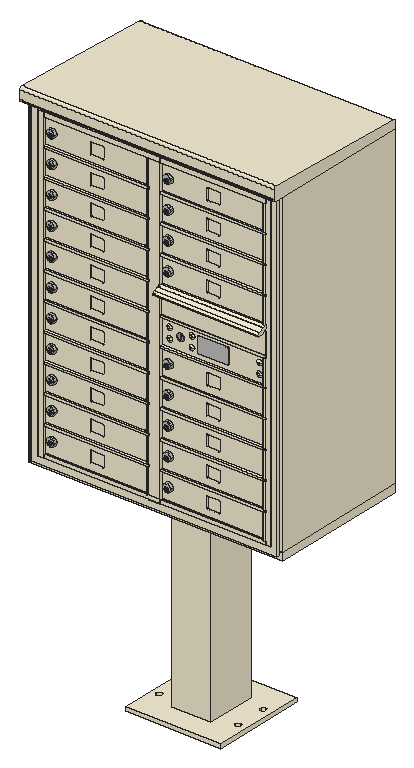
Revit family "Mailboxes_4C-Salsbury_Industries-Pedestal_Mounted-11_Door_High_Units", category Specialty Equipment, Revit 2016 (continued)
Definition of nested family "Mailboxes_4C-Salsbury_Industries-Front_Load-11_Door_High_Units"
  Dimensions and locks (in)
    aligned and locked: plane 53 "Row 9 Top Align" to nested 8
    aligned and locked: plane 55 "Row 7 Top Align" to nested 17
    aligned and locked: plane 55 "Row 7 Top Align" to nested 6
    aligned and locked: plane 56 "Row 6 Top Align" to nested 5
    aligned and locked: plane 58 "Row 4 Top Align" to nested 3
    aligned and locked: plane 58 "Row 4 Top Align" to nested 14
    aligned and locked: plane 54 "Row 8 Top Align" to nested 7
    aligned and locked: plane 51 "Row 11 Top Align" to nested 10
    aligned and locked: plane 57 "Row 5 Top Align" to nested 4
    aligned and locked: plane 20 "Bottom Horiz Door Align" to nested 11
    aligned and locked: plane 20 "Bottom Horiz Door Align" to nested 22
    aligned and locked: plane 56 "Row 6 Top Align" to nested 16
    aligned and locked: plane 93 to curve 13
  Automatic sketch dimensions
    Extrusion 2 sketch curve to plane 13 "Top Horiz Trim Align" = 0.000"
    Extrusion 2 sketch curve to plane 14 "Bottom Horiz Trim Align" = 0.000"
    plane 15 "Left Trim Align" to Extrusion 2 sketch curve = 0.000"
    Extrusion 2 sketch curve to plane 16 "Right Trim Align" = 0.000"
    Extrusion 3 sketch curve to plane 13 "Top Horiz Trim Align" = 0.000"
    plane 14 "Bottom Horiz Trim Align" to Extrusion 3 sketch curve = 0.000"
    plane 16 "Right Trim Align" to Extrusion 3 sketch curve = 0.000"
    Extrusion 3 sketch curve to plane 18 "Right Door Align" = 0.000"
    plane 13 "Top Horiz Trim Align" to Extrusion 5 sketch curve = 0.000"
    Extrusion 5 sketch curve to plane 14 "Bottom Horiz Trim Align" = 0.000"
    Extrusion 5 sketch curve to plane 15 "Left Trim Align" = 0.000"
    plane 17 "Left Door Align" to Extrusion 5 sketch curve = 0.000"
    plane 13 "Top Horiz Trim Align" to Extrusion 6 sketch curve = 0.000"
    Extrusion 6 sketch curve to plane 17 "Left Door Align" = 0.000"
    Extrusion 6 sketch curve to plane 18 "Right Door Align" = 0.000"
    Extrusion 6 sketch curve to plane 19 "Top Horiz Door Align" = 0.000"
    plane 4 "15" AFF" to Extrusion 4 sketch curve = 0.000"
    Extrusion 4 sketch curve to plane 14 "Bottom Horiz Trim Align" = 0.000"
    Extrusion 4 sketch curve to plane 17 "Left Door Align" = 0.000"
    Extrusion 4 sketch curve to plane 18 "Right Door Align" = 0.000"
    plane 21 "Front Face of Unit" to curve 12 = 1.165"
    curve 9 to Extrusion 8 = 0.000"
    curve 9 to plane 11 "Right Side of Unit" = 0.000"
    curve 7 to plane 21 "Front Face of Unit" = 0.000"
    curve 6 to plane 9 "Top of Unit" = 0.000"
    curve 5 to plane 18 "Right Door Align" = 0.000"
    Extrusion 8 sketch curve to Extrusion 8 sketch curve = 120.000"  (x2)
    Extrusion 7 sketch curve to plane 14 "Bottom Horiz Trim Align" = 0.000"
    Extrusion 7 sketch curve to plane 13 "Top Horiz Trim Align" = 0.000"
    plane 73 "Right Latch Align" to Extrusion 7 sketch curve = 0.000"
    plane 74 "Left Latch Align" to Extrusion 7 sketch curve = 0.000"
    curve 9 to plane 10 "Left Side of Unit" = 0.000"
  Nested families (in)
    nested 1: "3700 Series 4C Door Configurations" at (-7.37891, -0.20495, 63) x (-1, 0, 0) z (0, 0, 1), type <- "Door Slot R1", Door Number <- "Door Slot R1 Number", type "MB1 Door"
      with Door Number "12"
    nested 2: "3700 Series 4C Door Configurations" at (-7.37891, -0.20495, 59.5) x (-1, 0, 0) z (0, 0, 1), type <- "Door Slot R2", Door Number <- "Door Slot R2 Number", type "MB1 Door w/ Divider"
      with Door Number "13"
    nested 3: "3700 Series 4C Door Configurations" at (-7.37891, -0.20495, 56) x (-1, 0, 0) z (0, 0, 1), type <- "Door Slot R3", Door Number <- "Door Slot R3 Number", type "MB1 Door w/ Divider"
      with Door Number "14"
    nested 4: "3700 Series 4C Door Configurations" at (-7.37891, -0.20495, 52.5) x (-1, 0, 0) z (0, 0, 1), type <- "Door Slot R4", Door Number <- "Door Slot R4 Number", type "MB1 Door w/ Divider"
      with Door Number "15"
    nested 5: "3700 Series 4C Door Configurations" at (-7.37891, -0.20495, 49) x (-1, 0, 0) z (0, 0, 1), type <- "Door Slot R5", Door Number <- "Door Slot R5 Number", type "Empty"
      with Door Number "0"
    nested 6: "3700 Series 4C OM2 Configuration" at (-7.37891, -0.20495, 45.5) x (-1, 0, 0) z (0, 0, 1), type <- "Door Slot R6", Door Number <- "Door Slot R6 Number", type "OM2-FL"
      with Door Number "0"
    nested 7: "3700 Series 4C Door Configurations" at (-7.37891, -0.20495, 42) x (-1, 0, 0) z (0, 0, 1), type <- "Door Slot R7", Door Number <- "Door Slot R7 Number", type "MB1 Door w/ Divider"
      with Door Number "16"
    nested 8: "3700 Series 4C Door Configurations" at (-7.37891, -0.20495, 38.5) x (-1, 0, 0) z (0, 0, 1), type <- "Door Slot R8", Door Number <- "Door Slot R8 Number", type "MB1 Door w/ Divider"
      with Door Number "17"
    nested 9: "3700 Series 4C Door Configurations" at (-7.37891, -0.20495, 35) x (-1, 0, 0) z (0, 0, 1), type <- "Door Slot R9", Door Number <- "Door Slot R9 Number", type "MB1 Door w/ Divider"
      with Door Number "18"
    nested 10: "3700 Series 4C Door Configurations" at (-7.37891, -0.20495, 31.5) x (-1, 0, 0) z (0, 0, 1), type <- "Door Slot R10", Door Number <- "Door Slot R10 Number", type "MB1 Door w/ Divider"
      with Door Number "19"
    nested 11: "3700 Series 4C Door Configurations" at (-7.37891, -0.20495, 28) x (-1, 0, 0) z (0, 0, 1), Door Number <- "Door Slot R11 Number", type <- "Door Slot R11", type "MB1 Door w/ Divider"
      with Door Number "20"
    nested 12: "3700 Series 4C Door Configurations" at (7.37891, -0.20495, 63) x (-1, 0, 0) z (0, 0, 1), type <- "Door Slot L1", Door Number <- "Door Slot L1 Number", type "MB1 Door"
      with Door Number "1"
    nested 13: "3700 Series 4C Door Configurations" at (7.37891, -0.20495, 59.5) x (-1, 0, 0) z (0, 0, 1), type <- "Door Slot L2", Door Number <- "Door Slot L2 Number", type "MB1 Door w/ Divider"
      with Door Number "2"
    nested 14: "3700 Series 4C Door Configurations" at (7.37891, -0.20495, 56) x (-1, 0, 0) z (0, 0, 1), type <- "Door Slot L3", Door Number <- "Door Slot L3 Number", type "MB1 Door w/ Divider"
      with Door Number "3"
    nested 15: "3700 Series 4C Door Configurations" at (7.37891, -0.20495, 52.5) x (-1, 0, 0) z (0, 0, 1), type <- "Door Slot L4", Door Number <- "Door Slot L4 Number", type "MB1 Door w/ Divider"
      with Door Number "4"
    nested 16: "3700 Series 4C Door Configurations" at (7.37891, -0.20495, 49) x (-1, 0, 0) z (0, 0, 1), type <- "Door Slot L5", Door Number <- "Door Slot L5 Number", type "MB1 Door w/ Divider"
      with Door Number "5"
    nested 17: "3700 Series 4C Door Configurations" at (7.37891, -0.20495, 45.5) x (-1, 0, 0) z (0, 0, 1), type <- "Door Slot L6", Door Number <- "Door Slot L6 Number", type "MB1 Door w/ Divider"
      with Door Number "6"
    nested 18: "3700 Series 4C Door Configurations" at (7.37891, -0.20495, 42) x (-1, 0, 0) z (0, 0, 1), type <- "Door Slot L7", Door Number <- "Door Slot L7 Number", type "MB1 Door w/ Divider"
      with Door Number "7"
    nested 19: "3700 Series 4C Door Configurations" at (7.37891, -0.20495, 38.5) x (-1, 0, 0) z (0, 0, 1), type <- "Door Slot L8", Door Number <- "Door Slot L8 Number", type "MB1 Door w/ Divider"
      with Door Number "8"
    nested 20: "3700 Series 4C Door Configurations" at (7.37891, -0.20495, 35) x (-1, 0, 0) z (0, 0, 1), type <- "Door Slot L9", Door Number <- "Door Slot L9 Number", type "MB1 Door w/ Divider"
      with Door Number "9"
    nested 21: "3700 Series 4C Door Configurations" at (7.37891, -0.20495, 31.5) x (-1, 0, 0) z (0, 0, 1), type <- "Door Slot L10", Door Number <- "Door Slot L10 Number", type "MB1 Door w/ Divider"
      with Door Number "10"
    nested 22: "3700 Series 4C Door Configurations" at (7.37891, -0.20495, 28) x (-1, 0, 0) z (0, 0, 1), type <- "Door Slot L11", Door Number <- "Door Slot L11 Number", type "MB1 Door w/ Divider"
      with Door Number "11"
  Definition of nested family "3700 Series 4C Door Configurations"
    Parameters (values of type "MB1 Door w/ Divider")
      Weight = "5 lbs."
      Visible Door Number = yes
      URL = ""
      Model = "3700MB1"
      Manufacturer = "Salsbury Industries"
      Lock Material = none
      Inset Offset = 0.000"
      Front Panel Material = none
      Door Width = 13.375"
      Door Visibility-MB1 = yes
      Door Number [instance] = "101"
      Door Lock = yes
      Door Height = 3.23047"
      Door Divider = yes
      Door Depth = 0.25391"
      Description = "MB1 Door for 3700 Series 4C Mailboxes"
      Cost = 0
      Center Lock-Vertical = 0.875"
      Center Lock-Horizontal = 1.61523"
    Types (11): name | Weight | Visible Door Number | Model | Inset Offset | Door Visibility-MB1 | Door Lock | Door Height | Door Divider | Description
      MB1 Door w/ Divider | "5 lbs." | yes | "3700MB1" | 0.000" | yes | yes | 3.23047" | yes | "MB1 Door for 3700 Series 4C Mailboxes"
      MB1 Door | "5 lbs." | yes | "3700MB1" | 0.000" | yes | yes | 3.23047" | no | "MB1 Door for 3700 Series 4C Mailboxes"
      MB2 Door | "10 lbs." | yes | "3700MB2" | 0.000" | yes | yes | 6.73047" | no | "MB2 Door for 3700 Series 4C Mailboxes"
      MB2 Door w/ Divider | "10 lbs." | yes | "3700MB2" | 0.000" | yes | yes | 6.73047" | yes | "MB2 Door for 3700 Series 4C Mailboxes"
      MB3 Door | "15 lbs." | yes | "3700MB3" | 0.000" | yes | yes | 10.23047" | no | "MB3 Door for 3700 Series 4C Mailboxes"
      MB3 Door w/ Divider | "15 lbs." | yes | "3700MB3" | 0.000" | yes | yes | 10.23047" | yes | "MB3 Door for 3700 Series 4C Mailboxes"
      MB4 Door | "20 lbs." | yes | "3700MB4" | 0.000" | yes | yes | 13.73047" | no | "MB4 Door for 3700 Series 4C Mailboxes"
      MB4 Door w/ Divider | "20 lbs." | yes | "3700MB4" | 0.000" | yes | yes | 13.73047" | yes | "MB4 Door for 3700 Series 4C Mailboxes"
      Blank Door | "5 lbs." | no | "3700MB1" | 0.18359" | yes | no | 3.23047" | no | "MB1 Door for 3700 Series 4C Mailboxes"
      Blank Door w/ Divider | "5 lbs." | no | "3700MB1" | 0.18402" | yes | no | 3.23047" | yes | "MB1 Door for 3700 Series 4C Mailboxes"
      Empty | "5 lbs." | no | "Empty MB1" | 0.18359" | no | no | 3.23047" | no | "Empty MB1 Door for 3700 Series 4C Mailboxes"
    Reference planes (in)
      plane 1 "Center (Front/Back)": y = 0
      plane 2 "Bottom of Door": z = 0
      plane 3 "Center (Left/Right)": x = 0
      plane 4 "Left Side Face of Door": x = -6.6875
      plane 5 "Right Side Face of Door": x = 6.6875
      plane 6 "Back Face of Door": y = 0.12695
      plane 7 "Front Face of Door": y = -0.12695
      plane 8: z = 3.23047
      plane 9: z = 1.61523
      plane 10 "Face of Divider": y = -0.46995
      plane 11 "Center Lock Vertical": x = -5.8125
      plane 12 "Center Lock Horizontal": z = 1.61523
      plane 13 "Face of Lock": y = -0.42383
      plane 14 "Divider Height Align": z = 3.50047
      plane 15 "Inset Center": x = -0.0975
      plane 16 "Inset Offset": y = -0.12695
      plane 17: z = 1.99038
      plane 18: z = 1.24072
    Forms (in)
      Extrusion 1, solid, material <- "Front Panel Material", visible <- "Door Visibility-MB1"
        sketch origin (0, 0, 0) x (1, 0, 0) y (0, 1, 0)
          loop
            line (-6.4355, 0.12695) -> (-6.6875, -0.05445) -> (-6.6875, -0.12695) -> (6.05625, -0.12695)
            arc (6.05625, -0.12695) -> (6.19558, -0.17661) -> (6.27209, -0.3032) r 0.22029
            arc (6.27209, -0.3032) -> (6.3553, -0.42132) -> (6.4925, -0.46664) r 0.23034
            arc (6.4925, -0.46664) -> (6.63039, -0.40952) -> (6.6875, -0.27164) r 0.195
            line (6.6875, -0.27164) -> (6.6875, 0.12695) -> (-6.4355, 0.12695)
        from 0 to 3.23047
      Blend 2, solid, material <- "Lock Material", visible <- "Door Lock"
        base sketch origin (0, -0.12695, 0) x (-1, 0, 0) y (0, 0, 1)
          loop
            circle (5.8125, 1.61523) r 0.525
        top sketch origin (0, -0.12695, 0) x (-1, 0, 0) y (0, 0, 1)
          loop
            circle (5.8125, 1.61523) r 0.485
        from 0 to -0.29688
      Extrusion 3, solid, material <- "Front Panel Material", visible <- "Door Divider"
        sketch origin (0, 0, 3.50047) x (-1, 0, 0) y (0, -1, 0)
          loop
            line (6.6875, -0.12695) -> (6.6875, 0.46995) -> (-6.6875, 0.46995) -> (-6.6875, -0.12695) -> (6.6875, -0.12695)
        from -0.27 to 0
      Extrusion 4, void, detail levels fine
        sketch origin (0, -0.42383, 0) x (1, 0, 0) y (0, 0, 1)
          loop
            circle (-5.8125, 1.49523) r 0.285
        from 0 to -0.01562
      Extrusion 5, void, detail levels fine
        sketch origin (0, -0.42383, 0) x (1, 0, 0) y (0, 0, 1)
          loop
            line (-5.84183, 1.62353) -> (-5.84183, 1.32353) -> (-5.78183, 1.32353) -> (-5.78183, 1.62353) -> (-5.84183, 1.62353)
        from 0 to -0.03906
      Extrusion 6, void, detail levels fine
        sketch origin (0, -0.12695, 0) x (0, 0, 1) y (-1, 0, 0)
          loop
            arc (2.36523, 0.8475) -> (2.32862, 0.93589) -> (2.24023, 0.9725) r 0.125
            line (2.24023, 0.9725) -> (0.99023, 0.9725)
            arc (0.99023, 0.9725) -> (0.90185, 0.93589) -> (0.86523, 0.8475) r 0.125
            line (0.86523, 0.8475) -> (0.86523, -0.6525)
            arc (0.86523, -0.6525) -> (0.90185, -0.74089) -> (0.99023, -0.7775) r 0.125
            line (0.99023, -0.7775) -> (2.24023, -0.7775)
            arc (2.24023, -0.7775) -> (2.32862, -0.74089) -> (2.36523, -0.6525) r 0.125
            line (2.36523, -0.6525) -> (2.36523, 0.8475)
        from 0 to -0.03906
    Cuts and joins
      Extrusion 4, Extrusion 5 cuts Blend 2
      Extrusion 6 cuts Extrusion 1
    Lines and regions (in)
      symbolic lines
        curve 1: circle (-5.8125, 0, 1.61523) r 0.53054 normal (0, -1, 0)
    Dimensions and locks (in)
      equal spacing: plane 6 "Back Face of Door", plane 1 "Center (Front/Back)", plane 7 "Front Face of Door"
      "Door Depth": plane 6 "Back Face of Door" to plane 7 "Front Face of Door"
      equal spacing: plane 4 "Left Side Face of Door", plane 3 "Center (Left/Right)", plane 5 "Right Side Face of Door"  (x2)
      "Door Width": plane 4 "Left Side Face of Door" to plane 5 "Right Side Face of Door"
      locked: plane 7 "Front Face of Door" to plane 10 "Face of Divider" at 0.343
      "Center Lock-Vertical": plane 4 "Left Side Face of Door" to plane 11 "Center Lock Vertical"
      "Inset Offset": plane 16 "Inset Offset" to plane 7 "Front Face of Door"
      plane 4 "Left Side Face of Door" to plane 5 "Right Side Face of Door" = 13.375"
      plane 6 "Back Face of Door" to plane 10 "Face of Divider" = 0.59691"
      "Door Height": plane 8 to plane 2 "Bottom of Door"
      equal spacing: plane 8, plane 9, plane 2 "Bottom of Door"
      locked: plane 14 "Divider Height Align" to plane 8 at 0.27
      plane 17 to plane 9 to plane 18 = 0.37515" locked, 0.37452" locked
      aligned and locked: level to plane 2 "Bottom of Door"
      aligned and locked: plane 4 "Left Side Face of Door" to Extrusion 1
      aligned and locked: plane 6 "Back Face of Door" to Extrusion 1
      aligned and locked: plane 7 "Front Face of Door" to Extrusion 1
      aligned and locked: plane 8 to Extrusion 1
      aligned and locked: Extrusion 3 sketch curve to plane 4 "Left Side Face of Door"
      aligned and locked: Extrusion 3 sketch curve to plane 6 "Back Face of Door"
      aligned and locked: plane 5 "Right Side Face of Door" to Extrusion 3 sketch curve
      aligned and locked: Extrusion 3 to plane 8
      aligned and locked: plane 10 "Face of Divider" to Extrusion 3 sketch curve
      aligned and locked: plane 14 "Divider Height Align" to Extrusion 3
      aligned and locked: cut or joined group of Extrusion 1, Extrusion 6 to plane 2 "Bottom of Door"
      aligned and locked: plane 18 to text3d elem
    Automatic sketch dimensions
      Extrusion 1 sketch curve to plane 4 "Left Side Face of Door" = 0.000"
      Extrusion 1 sketch curve to plane 6 "Back Face of Door" = 0.000"
      Extrusion 1 sketch curve to plane 7 "Front Face of Door" = 0.000"
      Extrusion 1 sketch curve to plane 5 "Right Side Face of Door" = 0.000"
      Extrusion 1 sketch curve to plane 4 "Left Side Face of Door" = 0.252"
      plane 5 "Right Side Face of Door" to Extrusion 1 sketch curve = 0.63125"
      Extrusion 1 sketch curve to plane 7 "Front Face of Door" = 0.10935"
      plane 5 "Right Side Face of Door" to Extrusion 1 sketch curve = 0.195"
      Extrusion 1 sketch curve to plane 7 "Front Face of Door" = 0.14468"
      plane 10 "Face of Divider" to Extrusion 1 sketch curve = 0.12271"
      plane 1 "Center (Front/Back)" to Extrusion 1 sketch curve = 0.05445"
      plane 10 "Face of Divider" to Extrusion 1 sketch curve = 0.16676"
      Blend 2 sketch curve to plane 9 = 0.000"  (x2)
      plane 11 "Center Lock Vertical" to Blend 2 sketch curve = 0.000"  (x2)
      plane 11 "Center Lock Vertical" to Extrusion 4 sketch curve = 0.000"
      Extrusion 4 sketch curve to plane 9 = 0.120"
      Extrusion 4 sketch curve to Extrusion 4 sketch curve = 0.285"
      plane 11 "Center Lock Vertical" to Extrusion 5 sketch curve = 0.02933"
      Extrusion 5 sketch curve to plane 11 "Center Lock Vertical" = 0.03067"
      Extrusion 5 sketch curve to plane 9 = 0.2917"
      plane 9 to Extrusion 5 sketch curve = 0.0083"
      Extrusion 6 sketch curve to plane 9 = 0.750"
      Extrusion 6 sketch curve to Extrusion 6 sketch curve = 0.125"  (x3)
      plane 9 to Extrusion 6 sketch curve = 0.625"  (x2)
      plane 3 "Center (Left/Right)" to Extrusion 6 sketch curve = 0.7775"
      plane 15 "Inset Center" to Extrusion 6 sketch curve = 0.750"
      curve 1 to plane 9 = 0.000"
      plane 11 "Center Lock Vertical" to curve 1 = 0.000"
      radius of Blend 2 sketch curve = 0.525"
      radius of Blend 2 sketch curve = 0.485"
      radius of curve 1 = 0.53054"
  Definition of nested family "3700 Series 4C OM2 Configuration"
    Parameters (values of type "OM2-FL")
      Weight = ""
      URL = ""
      Access Lock Offset = 0.000"
      Access Lock = yes
      Model = "3700OM2-FL"
      Manufacturer = "Salsbury Industries"
      Lock Material = none
      Front Panel Material = none
      Door Width = 13.375"
      Door Number [instance] = "101"
      Door Height = 7.00047"
      Door Depth = 0.25391"
      Description = "OM2 Door for 3700 Series 4C Mailboxes-Front Loading"
      Cost = 0
      Center Lock-Vertical = 2.360"
      Center Lock-Horizontal = 1.61523"
    Types (3): name | Access Lock Offset | Access Lock | Model | Description
      (no name) | 0.000" | yes | "3700OM2-FL" | "OM2 Door for 3700 Series 4C Mailboxes-Front Loading"
      OM2-FL | 0.000" | yes | "3700OM2-FL" | "OM2 Door for 3700 Series 4C Mailboxes-Front Loading"
      OM2-RL | 0.3125" | no | "3700OM2-RL" | "OM2 Door for 3700 Series 4C Mailboxes-Rear Loading"
    Reference planes (in)
      plane 1 "Center (Front/Back)": y = 0
      plane 2 "Bottom of Door": z = 0
      plane 3 "Center (Left/Right)": x = 0
      plane 4 "Left Side Face of Door": x = -6.6875
      plane 5 "Right Side Face of Door": x = 6.6875
      plane 6 "Back Face of Door": y = 0.12695
      plane 7 "Front Face of Door": y = -0.12695
      plane 8: z = 3.23047
      plane 9: z = 1.61523
      plane 10: y = -0.46995
      plane 11 "Center Lock Vertical": x = -4.3275
      plane 12 "Center Lock Horizontal": z = 1.61523
      plane 13 "Face of Lock": y = -0.42383
      plane 14 "Divider Height Align": z = 3.50047
      plane 15 "Plate Center": x = -0.16063
      plane 16 "Left Stud Align": x = -5.7025
      plane 17 "Right Stud Align": x = -2.8895
      plane 18 "Top Stud Align": z = 2.27147
      plane 19 "Bottom Stud Align": z = 0.95947
      plane 20 "Hinge Stud Align": x = 5.6875
      plane 21 "Mail Plate Top": z = 2.61547
      plane 22 "Mail Plate Bottom": z = 0.61547
      plane 23: x = -2.1595
      plane 24: x = 1.8405
      plane 25 "Face of Mail Plate": y = -0.16602
      plane 26 "Top of Mail Drop Door": z = 6.73094
      plane 27 "Top of Mail Drop Divider": z = 7.00047
      plane 28 "Face of Mail Drop": y = -0.31995
      plane 29 "Top of Mail Slot": z = 6.42087
      plane 30 "Bottom of Mail Slot": z = 5.67087
      plane 31 "Left Edge of Mail Slot": x = -5.3755
      plane 32 "Right Edge of Mail Slot": x = 5.3755
      plane 33 "Mail Slot Bottom Protusion": z = 6.50987
      plane 34: y = -0.49395
      plane 35: z = 6.15637
      plane 36 "Front of Awning": y = -1.63495
      plane 37: y = -1.15685
      plane 38 "Mail Slot Slope": through (-240, -0.44582, 6.9722) normal (0, -0.5, 0.866)
      plane 39 "Access Lock Offset": y = 0.12695
    Forms (in)
      Extrusion 1, solid, material <- "Front Panel Material"
        sketch origin (0, 0, 0) x (1, 0, 0) y (0, 1, 0)
          loop
            line (-6.4355, 0.12695) -> (-6.6875, -0.05445) -> (-6.6875, -0.12695) -> (6.05625, -0.12695)
            arc (6.05625, -0.12695) -> (6.19558, -0.17661) -> (6.27209, -0.3032) r 0.22029
            arc (6.27209, -0.3032) -> (6.3553, -0.42132) -> (6.4925, -0.46664) r 0.23034
            arc (6.4925, -0.46664) -> (6.63039, -0.40952) -> (6.6875, -0.27164) r 0.195
            line (6.6875, -0.27164) -> (6.6875, 0.12695) -> (-6.4355, 0.12695)
        from 0 to 3.23047
      Extrusion 2, solid, material <- "Front Panel Material"
        sketch origin (0, 0, 3.50047) x (-1, 0, 0) y (0, -1, 0)
          loop
            line (6.6875, -0.12695) -> (6.6875, 0.46995) -> (-6.6875, 0.46995) -> (-6.6875, -0.12695) -> (6.6875, -0.12695)
        from -0.27 to 0
      Extrusion 3, void
        sketch origin (0, 0.12695, 0) x (0, 0, -1) y (-1, 0, 0)
          loop
            circle (-1.61523, 4.3275) r 0.4375
        from 0 to -0.25391
      Extrusion 4, solid, material <- "Lock Material", visible <- "Access Lock"
        sketch origin (0, 0.12695, 0) x (0, 0, -1) y (-1, 0, 0)
          loop
            circle (-1.61523, 4.3275) r 0.42913
        from 0 to -0.25391
      Extrusion 5, void, detail levels fine
        sketch origin (0, 0.12695, 3.4) x (-1, 0, 0) y (0, 0, 1)
          loop
            line (4.3568, -1.47517) -> (4.2982, -1.47517) -> (4.2982, -2.09436) -> (4.3568, -2.09436) -> (4.3568, -1.47517)
        from -0.12695 to -0.25391
      Blend 6, solid, material <- "Front Panel Material", detail levels medium+fine
        base sketch origin (0, -0.12695, 2.68123) x (-1, 0, 0) y (0, 0, 1)
          loop
            circle (5.7025, -0.40977) r 0.15665
        top sketch origin (0, -0.12695, 2.68123) x (-1, 0, 0) y (0, 0, 1)
          loop
            circle (5.7025, -0.40977) r 0.3125
        from -0.11328 to 0
      Blend 7, solid, material <- "Front Panel Material", detail levels medium+fine
        base sketch origin (1.3125, -0.12695, 2.68123) x (-1, 0, 0) y (0, 0, 1)
          loop
            circle (4.202, -0.40977) r 0.15665
        top sketch origin (1.3125, -0.12695, 2.68123) x (-1, 0, 0) y (0, 0, 1)
          loop
            circle (4.202, -0.40977) r 0.3125
        from -0.11328 to 0
      Blend 8, solid, material <- "Front Panel Material", detail levels medium+fine
        base sketch origin (0, -0.12695, 1.36923) x (-1, 0, 0) y (0, 0, 1)
          loop
            circle (5.7025, -0.40977) r 0.15665
        top sketch origin (0, -0.12695, 1.36923) x (-1, 0, 0) y (0, 0, 1)
          loop
            circle (5.7025, -0.40977) r 0.3125
        from -0.11328 to 0
      Blend 9, solid, material <- "Front Panel Material", detail levels medium+fine
        base sketch origin (1.3125, -0.12695, 1.36923) x (-1, 0, 0) y (0, 0, 1)
          loop
            circle (4.202, -0.40977) r 0.15665
        top sketch origin (1.3125, -0.12695, 1.36923) x (-1, 0, 0) y (0, 0, 1)
          loop
            circle (4.202, -0.40977) r 0.3125
        from -0.11328 to 0
      Blend 10, solid, material <- "Front Panel Material", detail levels medium+fine
        base sketch origin (9.8895, -0.12695, 2.68123) x (-1, 0, 0) y (0, 0, 1)
          loop
            circle (4.202, -0.40977) r 0.15665
        top sketch origin (9.8895, -0.12695, 2.68123) x (-1, 0, 0) y (0, 0, 1)
          loop
            circle (4.202, -0.40977) r 0.3125
        from -0.11328 to 0
      Blend 11, solid, material <- "Front Panel Material", detail levels medium+fine
        base sketch origin (9.8895, -0.12695, 1.36923) x (-1, 0, 0) y (0, 0, 1)
          loop
            circle (4.202, -0.40977) r 0.15665
        top sketch origin (9.8895, -0.12695, 1.36923) x (-1, 0, 0) y (0, 0, 1)
          loop
            circle (4.202, -0.40977) r 0.3125
        from -0.11328 to 0
      Extrusion 12, solid, material <- "Lock Material"
        sketch origin (0, -0.12695, 0) x (-1, 0, 0) y (0, 0, 1)
          loop
            line (1.96028, 2.61547) -> (-1.64128, 2.61547)
            arc (-1.64128, 2.61547) -> (-1.78215, 2.55712) -> (-1.8405, 2.41625) r 0.19922
            line (-1.8405, 2.41625) -> (-1.8405, 0.81469)
            arc (-1.8405, 0.81469) -> (-1.78215, 0.67382) -> (-1.64128, 0.61547) r 0.19922
            line (-1.64128, 0.61547) -> (1.96028, 0.61547)
            arc (1.96028, 0.61547) -> (2.10115, 0.67382) -> (2.1595, 0.81469) r 0.19922
            line (2.1595, 0.81469) -> (2.1595, 2.41625)
            arc (2.1595, 2.41625) -> (2.10115, 2.55712) -> (1.96028, 2.61547) r 0.19922
        from 0 to -0.03906
      Extrusion 13, solid, material <- "Front Panel Material"
        sketch origin (-2.13946, 0, 3.50047) x (-1, 0, 0) y (0, -1, 0)
          loop
            line (4.54804, -0.12695) -> (4.54804, 0.31995) -> (-8.82696, 0.31995) -> (-8.82696, -0.12695) -> (4.54804, -0.12695)
        from 0 to 3.0094
      Extrusion 14, void
        sketch origin (0, -0.31995, 0) x (0, 0, -1) y (-1, 0, 0)
          loop
            arc (-5.67087, 5.0005) -> (-6.04587, 5.3755) -> (-6.42087, 5.0005) r 0.375
            line (-6.42087, 5.0005) -> (-6.42087, -5.0005)
            arc (-6.42087, -5.0005) -> (-6.04587, -5.3755) -> (-5.67087, -5.0005) r 0.375
            line (-5.67087, -5.0005) -> (-5.67087, 5.0005)
        from 0 to 0.44691
      Extrusion 15, solid, material <- "Front Panel Material"
        sketch origin (0, 0, 0) x (0, 1, 0) y (0, 0, 1)
          loop
            line (0.12695, 6.50987) -> (0.12695, 7.00047) -> (-0.46995, 7.00047) -> (-0.75605, 6.83078) -> (-0.73973, 6.80251) -> (-1.27431, 6.49388) -> (-1.29063, 6.52214) -> (-1.61027, 6.3376)
            arc (-1.61027, 6.3376) -> (-1.63087, 6.31111) -> (-1.62714, 6.27777) r 0.04454
            line (-1.62714, 6.27777) -> (-1.5282, 6.17883)
            arc (-1.5282, 6.17883) -> (-1.4937, 6.16211) -> (-1.4558, 6.15637) r 0.12791
            line (-1.4558, 6.15637) -> (-1.10623, 6.15637) -> (-0.49395, 6.50987) -> (0.12695, 6.50987)
        from -6.6875 to 6.6875
    Cuts and joins
      Extrusion 3 cuts Extrusion 1
      Extrusion 5 cuts Extrusion 4
      Extrusion 14 cuts Extrusion 13
    Lines and regions (in)
      symbolic lines
        curve 1: circle (-5.7025, -0.12695, 2.27147) r 0.3125 normal (0, 1, 0)
        curve 2: circle (-5.7025, -0.12695, 0.95947) r 0.3125 normal (0, 1, 0)
        curve 3: circle (-2.8895, -0.12695, 0.95947) r 0.3125 normal (0, 1, 0)
        curve 4: circle (-2.8895, -0.12695, 2.27147) r 0.3125 normal (0, 1, 0)
        curve 5: circle (-4.3275, -0.12695, 1.61523) r 0.42913 normal (0, 1, 0)
        curve 6: circle (5.6875, -0.12695, 0.95947) r 0.3125 normal (0, 1, 0)
        curve 7: circle (5.6875, -0.12695, 2.27147) r 0.3125 normal (0, 1, 0)
        curve 8: arc (-2.1595, -0.12695, 2.41625) -> (-2.10115, -0.12695, 2.55712) -> (-1.96028, -0.12695, 2.61547) r 0.19922
        curve 9: arc (1.8405, -0.12695, 2.41625) -> (1.78215, -0.12695, 2.55712) -> (1.64128, -0.12695, 2.61547) r 0.19922
        curve 10: arc (1.8405, -0.12695, 0.81469) -> (1.78215, -0.12695, 0.67382) -> (1.64128, -0.12695, 0.61547) r 0.19922
        curve 11: arc (-1.96028, -0.12695, 0.61547) -> (-2.10115, -0.12695, 0.67382) -> (-2.1595, -0.12695, 0.81469) r 0.19922
        curve 12: line (-2.1595, -0.12695, 0.81469) -> (-2.1595, -0.12695, 2.41625)
        curve 13: line (-1.96028, -0.12695, 2.61547) -> (1.64128, -0.12695, 2.61547)
        curve 14: line (1.8405, -0.12695, 2.41625) -> (1.8405, -0.12695, 0.81469)
        curve 15: line (1.64128, -0.12695, 0.61547) -> (-1.96028, -0.12695, 0.61547)
    Dimensions and locks (in)
      equal spacing: plane 6 "Back Face of Door", plane 1 "Center (Front/Back)", plane 7 "Front Face of Door"
      "Door Depth": plane 6 "Back Face of Door" to plane 7 "Front Face of Door"
      equal spacing: plane 4 "Left Side Face of Door", plane 3 "Center (Left/Right)", plane 5 "Right Side Face of Door"
      "Door Width": plane 4 "Left Side Face of Door" to plane 5 "Right Side Face of Door"
      plane 8 to level = 3.23047"
      equal spacing: plane 8, plane 9, level
      locked: plane 7 "Front Face of Door" to plane 10 at 0.343
      "Center Lock-Vertical": plane 4 "Left Side Face of Door" to plane 11 "Center Lock Vertical"
      "Center Lock-Horizontal": plane 8 to plane 12 "Center Lock Horizontal"
      locked: plane 14 "Divider Height Align" to plane 8 at 0.27
      plane 4 "Left Side Face of Door" to plane 16 "Left Stud Align" to plane 17 "Right Stud Align" = 0.985", 2.813"
      plane 8 to plane 18 "Top Stud Align" to plane 19 "Bottom Stud Align" = 0.959", 1.312"
      plane 20 "Hinge Stud Align" to plane 5 "Right Side Face of Door" = 1.000"
      plane 8 to plane 21 "Mail Plate Top" to plane 22 "Mail Plate Bottom" = 0.615", 2.000"
      plane 4 "Left Side Face of Door" to plane 23 to plane 24 = 4.528", 4.000"
      plane 27 "Top of Mail Drop Divider" to plane 26 "Top of Mail Drop Door" to plane 14 "Divider Height Align" = 0.26953" locked, 3.23047"
      "Door Height": plane 27 "Top of Mail Drop Divider" to level
      plane 28 "Face of Mail Drop" to plane 10 = 0.150"
      locked: plane 27 "Top of Mail Drop Divider" to plane 29 "Top of Mail Slot" at 0.5796
      locked: plane 29 "Top of Mail Slot" to plane 30 "Bottom of Mail Slot" at 0.75
      locked: plane 4 "Left Side Face of Door" to plane 31 "Left Edge of Mail Slot" at 1.312
      locked: plane 32 "Right Edge of Mail Slot" to plane 5 "Right Side Face of Door" at 1.312
      locked: plane 33 "Mail Slot Bottom Protusion" to plane 29 "Top of Mail Slot" at 0.089
      plane 28 "Face of Mail Drop" to plane 34 = 0.174"
      plane 33 "Mail Slot Bottom Protusion" to plane 35 = 0.3535"
      plane 28 "Face of Mail Drop" to plane 36 "Front of Awning" = 1.315"
      plane 4 "Left Side Face of Door" to plane 5 "Right Side Face of Door" = 13.375"
      plane 6 "Back Face of Door" to plane 36 "Front of Awning" = 1.76191"
      "Access Lock Offset": plane 39 "Access Lock Offset" to plane 6 "Back Face of Door"
      aligned and locked: level to plane 2 "Bottom of Door"
      aligned and locked: plane 4 "Left Side Face of Door" to Extrusion 1
      aligned and locked: plane 6 "Back Face of Door" to Extrusion 1
      aligned and locked: plane 7 "Front Face of Door" to Extrusion 1
      aligned and locked: Extrusion 1 to level
      aligned and locked: plane 8 to Extrusion 1
      aligned and locked: Extrusion 2 sketch curve to plane 4 "Left Side Face of Door"
      aligned and locked: Extrusion 2 sketch curve to plane 6 "Back Face of Door"
      aligned and locked: plane 5 "Right Side Face of Door" to Extrusion 2 sketch curve
      aligned and locked: Extrusion 2 to plane 8
      aligned and locked: plane 10 to Extrusion 2 sketch curve
      aligned and locked: plane 14 "Divider Height Align" to Extrusion 2
      aligned and locked: plane 4 "Left Side Face of Door" to Extrusion 2
      aligned and locked: Extrusion 2 to plane 5 "Right Side Face of Door"
      aligned and locked: Extrusion 13 to plane 28 "Face of Mail Drop"
      aligned and locked: plane 29 "Top of Mail Slot" to Extrusion 14 sketch curve
      aligned and locked: cut or joined group of Extrusion 13, Extrusion 14 to cut or joined group of Extrusion 13, Extrusion 14
      aligned and locked: cut or joined group of Extrusion 1, Extrusion 3 to plane 2 "Bottom of Door"
    Automatic sketch dimensions
      Extrusion 1 sketch curve to plane 4 "Left Side Face of Door" = 0.000"
      Extrusion 1 sketch curve to plane 6 "Back Face of Door" = 0.000"
      Extrusion 1 sketch curve to plane 7 "Front Face of Door" = 0.000"
      Extrusion 1 sketch curve to plane 5 "Right Side Face of Door" = 0.000"
      Extrusion 1 sketch curve to plane 4 "Left Side Face of Door" = 0.252"
      Extrusion 1 sketch curve to plane 20 "Hinge Stud Align" = 0.36875"
      Extrusion 1 sketch curve to plane 25 "Face of Mail Plate" = 0.07029"
      plane 5 "Right Side Face of Door" to Extrusion 1 sketch curve = 0.195"
      Extrusion 1 sketch curve to plane 25 "Face of Mail Plate" = 0.10562"
      Extrusion 1 sketch curve to plane 13 "Face of Lock" = 0.07658"
      plane 1 "Center (Front/Back)" to Extrusion 1 sketch curve = 0.05445"
      Extrusion 1 sketch curve to plane 13 "Face of Lock" = 0.12063"
      Extrusion 5 sketch curve to plane 11 "Center Lock Vertical" = 0.0293"
      plane 11 "Center Lock Vertical" to Extrusion 5 sketch curve = 0.0293"
      Extrusion 5 sketch curve to plane 9 = 0.30959"
      plane 9 to Extrusion 5 sketch curve = 0.30959"
      plane 16 "Left Stud Align" to Blend 6 sketch curve = 0.000"  (x2)
      Blend 6 sketch curve to plane 18 "Top Stud Align" = 0.000"  (x2)
      plane 17 "Right Stud Align" to Blend 7 sketch curve = 0.000"  (x2)
      Blend 7 sketch curve to plane 18 "Top Stud Align" = 0.000"  (x2)
      plane 16 "Left Stud Align" to Blend 8 sketch curve = 0.000"  (x2)
      Blend 8 sketch curve to plane 19 "Bottom Stud Align" = 0.000"  (x2)
      plane 17 "Right Stud Align" to Blend 9 sketch curve = 0.000"  (x2)
      Blend 9 sketch curve to plane 19 "Bottom Stud Align" = 0.000"  (x2)
      Blend 10 sketch curve to plane 18 "Top Stud Align" = 0.000"  (x2)
      plane 20 "Hinge Stud Align" to Blend 10 sketch curve = 0.000"  (x2)
      Blend 11 sketch curve to plane 19 "Bottom Stud Align" = 0.000"  (x2)
      plane 20 "Hinge Stud Align" to Blend 11 sketch curve = 0.000"  (x2)
      plane 24 to Extrusion 12 sketch curve = 0.000"
      Extrusion 12 sketch curve to plane 22 "Mail Plate Bottom" = 0.000"
      Extrusion 12 sketch curve to plane 21 "Mail Plate Top" = 0.000"
      plane 23 to Extrusion 12 sketch curve = 0.000"
      plane 24 to Extrusion 12 sketch curve = 0.19922"  (x2)
      plane 18 "Top Stud Align" to Extrusion 12 sketch curve = 0.14478"
      Extrusion 12 sketch curve to plane 23 = 0.19922"
      Extrusion 13 sketch curve to plane 5 "Right Side Face of Door" = 0.000"
      Extrusion 13 sketch curve to plane 4 "Left Side Face of Door" = 0.000"
      Extrusion 13 sketch curve to plane 6 "Back Face of Door" = 0.000"
      Extrusion 13 sketch curve to plane 7 "Front Face of Door" = 0.193"
      Extrusion 14 sketch curve to plane 30 "Bottom of Mail Slot" = 0.000"
      plane 32 "Right Edge of Mail Slot" to Extrusion 14 sketch curve = 0.375"
      Extrusion 14 sketch curve to plane 31 "Left Edge of Mail Slot" = 0.375"
      Extrusion 15 sketch curve to plane 35 = 0.000"
      Extrusion 15 sketch curve to plane 33 "Mail Slot Bottom Protusion" = 0.000"
      Extrusion 15 sketch curve to plane 34 = 0.000"
      Extrusion 15 sketch curve to plane 27 "Top of Mail Drop Divider" = 0.000"
      Extrusion 15 sketch curve to plane 6 "Back Face of Door" = 0.000"
      plane 26 "Top of Mail Drop Door" to Extrusion 15 sketch curve = 0.07158"
      Extrusion 15 sketch curve to plane 34 = 0.24578"
      plane 26 "Top of Mail Drop Door" to Extrusion 15 sketch curve = 0.09984"
      Extrusion 15 sketch curve to Extrusion 15 sketch curve = 0.01632"
      plane 37 to Extrusion 15 sketch curve = 0.05062"
      Extrusion 15 sketch curve to plane 33 "Mail Slot Bottom Protusion" = 0.01599"
      plane 33 "Mail Slot Bottom Protusion" to Extrusion 15 sketch curve = 0.01227"
      plane 36 "Front of Awning" to Extrusion 15 sketch curve = 0.17915"
      plane 35 to Extrusion 15 sketch curve = 0.02246"
      Extrusion 15 sketch curve to Extrusion 15 sketch curve = 0.0724"
      plane 36 "Front of Awning" to Extrusion 15 sketch curve = 0.04696"
      plane 36 "Front of Awning" to Extrusion 15 sketch curve = 0.02469"
      plane 36 "Front of Awning" to Extrusion 15 sketch curve = 0.00781"
      Extrusion 15 sketch curve to Extrusion 15 sketch curve = 0.05983"
      Extrusion 4 sketch curve to plane 9 = 0.000"
      plane 11 "Center Lock Vertical" to Extrusion 4 sketch curve = 0.000"
      Extrusion 3 sketch curve to plane 9 = 0.000"
      plane 11 "Center Lock Vertical" to Extrusion 3 sketch curve = 0.000"
      curve 6 to plane 19 "Bottom Stud Align" = 0.000"
      plane 20 "Hinge Stud Align" to curve 6 = 0.000"
      curve 7 to plane 18 "Top Stud Align" = 0.000"
      plane 20 "Hinge Stud Align" to curve 7 = 0.000"
      plane 24 to curve 14 = 0.000"
      curve 9 to plane 21 "Mail Plate Top" = 0.000"
      curve 11 to plane 22 "Mail Plate Bottom" = 0.000"
      plane 23 to curve 12 = 0.000"
      plane 17 "Right Stud Align" to curve 4 = 0.000"
      plane 17 "Right Stud Align" to curve 3 = 0.000"
      curve 5 to plane 9 = 0.000"
      plane 11 "Center Lock Vertical" to curve 5 = 0.000"
      plane 16 "Left Stud Align" to curve 1 = 0.000"
      plane 16 "Left Stud Align" to curve 2 = 0.000"
      curve 2 to plane 19 "Bottom Stud Align" = 0.000"
      curve 3 to plane 19 "Bottom Stud Align" = 0.000"
      curve 1 to plane 18 "Top Stud Align" = 0.000"
      curve 4 to plane 18 "Top Stud Align" = 0.000"
      plane 18 "Top Stud Align" to curve 9 = 0.14478"
      curve 10 to plane 19 "Bottom Stud Align" = 0.14478"
      plane 18 "Top Stud Align" to curve 8 = 0.14478"
      curve 11 to plane 19 "Bottom Stud Align" = 0.14478"
      radius of Blend 6 sketch curve = 0.15665"
      radius of Blend 6 sketch curve = 0.3125"
      radius of Blend 7 sketch curve = 0.15665"
      radius of Blend 7 sketch curve = 0.3125"
      radius of Blend 8 sketch curve = 0.15665"
      radius of Blend 8 sketch curve = 0.3125"
      radius of Blend 9 sketch curve = 0.15665"
      radius of Blend 9 sketch curve = 0.3125"
      radius of Blend 10 sketch curve = 0.15665"
      radius of Blend 10 sketch curve = 0.3125"
      radius of Blend 11 sketch curve = 0.15665"
      radius of Blend 11 sketch curve = 0.3125"
      radius of Extrusion 4 sketch curve = 0.42913"
      radius of Extrusion 3 sketch curve = 0.4375"
      radius of curve 1 = 0.3125"
      radius of curve 2 = 0.3125"
      radius of curve 3 = 0.3125"
      radius of curve 4 = 0.3125"
      radius of curve 5 = 0.42913"
      radius of curve 6 = 0.3125"
      radius of curve 7 = 0.3125"
Types (7): name | Width | Model | Door Slot R9 Number | Door Slot R8 Number | Door Slot R7 Number | Door Slot R5 Number | Door Slot R4 Number | Door Slot R3 Number | Door Slot R2 Number | Door Slot R11 Number | Door Slot R10 Number | Door Slot R1 Number | Door Slot L9 Number | Door Slot L8 Number | Door Slot L7 Number | Door Slot L6 Number | Door Slot L5 Number | Door Slot L4 Number | Door Slot L3 Number | Door Slot L2 Number | Door Slot L11 Number | Door Slot L10 Number | Door Slot L1 Number | Description | 4C Unit
  3411D-20 | 32.250" | "3411D-20" | "18" | "17" | "16" | "0" | "15" | "14" | "13" | "20" | "19" | "12" | "9" | "8" | "7" | "6" | "5" | "4" | "3" | "2" | "11" | "10" | "1" | "11 Door High Unit:  20 MB1, OM2" | Mailboxes_4C-Salsbury_Industries-Front_Load-11_Door_High_Units : 3711D-20 FL
  3411D-15 | 32.250" | "3411D-15" | "13" | "12" | "11" | "0" | "10" | "9" | "8" | "15" | "14" | "7" | "0" | "0" | "0" | "6" | "5" | "4" | "3" | "2" | "1P" | "0" | "1" | "11 Door High Unit:  15 MB1, 1 PL5, OM2" | Mailboxes_4C-Salsbury_Industries-Front_Load-11_Door_High_Units : 3711D-15 FL
  3411D-10 | 32.250" | "3411D-10" | "0" | "0" | "0" | "0" | "10" | "9" | "8" | "2P" | "0" | "7" | "0" | "0" | "0" | "6" | "5" | "4" | "3" | "2" | "1P" | "0" | "1" | "11 Door High Unit:  10 MB1, 2 PL5, OM2" | Mailboxes_4C-Salsbury_Industries-Front_Load-11_Door_High_Units : 3711D-10 FL
  3411D-4P | 32.250" | "3411D-4P" | "0" | "0" | "0" | "3P" | "0" | "0" | "0" | "4P" | "0" | "0" | "0" | "0" | "0" | "0" | "1P" | "0" | "0" | "0" | "2P" | "0" | "0" | "11 Door High Unit:  3 PL5, 1 PL6, CA" | Mailboxes_4C-Salsbury_Industries-Front_Load-11_Door_High_Units : 3711D-4P FL
  3411S-04 | 17.496" | "3411S-04" | "0" | "0" | "0" | "0" | "4" | "3" | "2" | "1P" | "0" | "1" | "0" | "0" | "0" | "0" | "0" | "0" | "0" | "0" | "0" | "0" | "0" | "11 Door High Unit:  4 MB1, 1 PL5, OM2" | Mailboxes_4C-Salsbury_Industries-Front_Load-11_Door_High_Units : 3711S-04 FL
  3411S-2P | 17.496" | "3411S-2P" | "0" | "0" | "0" | "1P" | "0" | "0" | "0" | "2P" | "0" | "0" | "0" | "0" | "0" | "0" | "0" | "0" | "0" | "0" | "0" | "0" | "0" | "11 Door High Unit:  1 PL5, 1 PL6" | Mailboxes_4C-Salsbury_Industries-Front_Load-11_Door_High_Units : 3711S-2P FL
  3411S-09 | 17.496" | "3411S-09" | "7" | "6" | "5" | "0" | "4" | "3" | "2" | "9" | "8" | "1" | "0" | "0" | "0" | "0" | "0" | "0" | "0" | "0" | "0" | "0" | "0" | "11 Door High Unit:  9 MB1, OM2" | Mailboxes_4C-Salsbury_Industries-Front_Load-11_Door_High_Units : 3711S-09 FL
